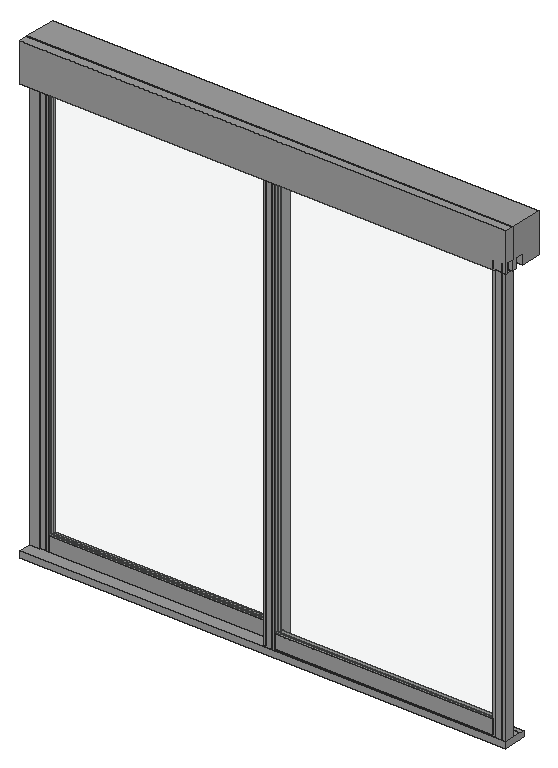
Revit family "Agta_Record_SldngDrset_THERMCORD-E-STA", category Doors, Revit 2012 (continued)
Definition of nested family "Inner Panel Profile"
  Lines and regions (mm)
    Masking region 3, visible <- "Modified Profile"
      outline origin (0, 0, 0) x (1, 0, 0) y (0, 1, 0)
        loop
          line (-51, 36) -> (-51, -63) -> (-5.5, -63) -> (-5.5, 0) -> (-35, 0) -> (-35, 36) -> (-51, 36)
  Dimensions and locks
    "Interlancing Profile Height": plane 4 to level
    "Distance to Wall": Extrusion 3 sketch curve to plane 1 "Center (Front/Back)"
    "Clear Height of Passage": plane 6 to level
    aligned and locked: plane 4 to Extrusion 1
    aligned and locked: plane 4 to Extrusion 2
    aligned and locked: Masking region 3 sketch curve to Extrusion 3
    aligned and locked: plane 6 to Extrusion 3
  Automatic sketch dimensions
    Extrusion 1 sketch curve to plane 3 "Center (Left/Right)" = 0.00 mm
    plane 1 "Center (Front/Back)" to Extrusion 1 sketch curve = 0.00 mm
    Extrusion 1 sketch curve to plane 3 "Center (Left/Right)" = 35.00 mm
    Extrusion 1 sketch curve to Extrusion 1 sketch curve = 16.00 mm  (x2)
    Extrusion 1 sketch curve to plane 1 "Center (Front/Back)" = 2.00 mm
    Extrusion 1 sketch curve to Extrusion 1 sketch curve = 34.00 mm
    Extrusion 1 sketch curve to Extrusion 1 sketch curve = 2.00 mm
    Extrusion 2 sketch curve to plane 3 "Center (Left/Right)" = 0.00 mm
    Extrusion 2 sketch curve to plane 3 "Center (Left/Right)" = 35.00 mm
    Extrusion 2 sketch curve to Extrusion 2 sketch curve = 16.00 mm
    Extrusion 2 sketch curve to Extrusion 2 sketch curve = 2.00 mm
    plane 1 "Center (Front/Back)" to Extrusion 2 sketch curve = 0.00 mm
    Extrusion 2 sketch curve to plane 1 "Center (Front/Back)" = 36.00 mm
    plane 1 "Center (Front/Back)" to Masking region 1 sketch curve = 0.00 mm
    Masking region 1 sketch curve to plane 3 "Center (Left/Right)" = 0.00 mm
    Masking region 1 sketch curve to plane 3 "Center (Left/Right)" = 35.00 mm
    Masking region 1 sketch curve to Masking region 1 sketch curve = 16.00 mm  (x2)
    Masking region 1 sketch curve to plane 1 "Center (Front/Back)" = 2.00 mm
    Masking region 1 sketch curve to Masking region 1 sketch curve = 34.00 mm
    Masking region 1 sketch curve to Masking region 1 sketch curve = 2.00 mm
    plane 1 "Center (Front/Back)" to Masking region 2 sketch curve = 0.00 mm
    Masking region 2 sketch curve to plane 3 "Center (Left/Right)" = 0.00 mm
    Masking region 2 sketch curve to plane 3 "Center (Left/Right)" = 35.00 mm
    Masking region 2 sketch curve to Masking region 2 sketch curve = 16.00 mm
    Masking region 2 sketch curve to plane 1 "Center (Front/Back)" = 36.00 mm
    Masking region 2 sketch curve to Masking region 2 sketch curve = 2.00 mm
    plane 1 "Center (Front/Back)" to Extrusion 3 sketch curve = 0.00 mm
    Extrusion 3 sketch curve to plane 3 "Center (Left/Right)" = 5.50 mm
    Extrusion 3 sketch curve to Extrusion 3 sketch curve = 29.50 mm
    Extrusion 3 sketch curve to Extrusion 3 sketch curve = 16.00 mm
    Extrusion 3 sketch curve to Extrusion 3 sketch curve = 36.00 mm
    plane 1 "Center (Front/Back)" to Masking region 3 sketch curve = 0.00 mm
    Masking region 3 sketch curve to plane 3 "Center (Left/Right)" = 51.00 mm
    Masking region 3 sketch curve to Masking region 3 sketch curve = 16.00 mm
    Masking region 3 sketch curve to plane 3 "Center (Left/Right)" = 5.50 mm
    Masking region 3 sketch curve to Masking region 3 sketch curve = 36.00 mm
Types (9, lengths in mm): name | Without side panels | Wall Opening Width | TotalWidth | TotalHeight | SupportLengthRight | SupportLengthLeft | Right Panel | Modified Profile | Left Panel | Interlacing profile right | Width | Rough Width | Rough Height | NominalWidth | NominalHeight | Interlacing profile left | Interlacing profile 3 | Interlacing profile 1 | Inner Panel Profile | IfcExportType | IfcExportAs | Height | DriveUnitHeight | DoorSeal
  (no name) | no | 2446.00 | 2497.00 | 2350.00 | 674.00 | 1823.00 | no | no | yes | no | 2497.00 | 2503.00 | 2356.00 | 2497.00 | 2350.00 | yes | no | yes | yes | "Door" | "IfcDoorStyle" | 2350.00 | 200.00 | "1"
  THERMCORD E-STA-L 150mm drive unit height - left - with side panel | no | 2446.00 | 2497.00 | 2300.00 | 674.00 | 1823.00 | no | no | yes | no | 2497.00 | 2503.00 | 2306.00 | 2497.00 | 2300.00 | yes | no | yes | yes | "n/a" | "n/a" | 2300.00 | 150.00 | "yes"
  THERMCORD E-STA-R 150mm drive unit height - right - without side panels | yes | 1200.00 | 1305.50 | 2300.00 | 1823.00 | 674.00 | no | yes | no | yes | 1305.50 | 1311.50 | 2306.00 | 1305.50 | 2300.00 | no | yes | no | no | "n/a" | "n/a" | 2300.00 | 150.00 | "1"
  THERMCORD E-STA-R 150mm drive unit height - right - with side panel | no | 2446.00 | 2497.00 | 2300.00 | 1823.00 | 674.00 | yes | no | no | yes | 2497.00 | 2503.00 | 2306.00 | 2497.00 | 2300.00 | no | no | yes | yes | "n/a" | "n/a" | 2300.00 | 150.00 | "1"
  THERMCORD E-STA-L 150mm drive unit height - left - without side panels | yes | 1200.00 | 1305.50 | 2300.00 | 674.00 | 1823.00 | no | yes | no | no | 1305.50 | 1311.50 | 2306.00 | 1305.50 | 2300.00 | yes | yes | no | no | "n/a" | "n/a" | 2300.00 | 150.00 | "1"
  THERMCORD E-STA-L 200mm drive unit height - left - with side panel | no | 2446.00 | 2497.00 | 2350.00 | 674.00 | 1823.00 | no | no | yes | no | 2497.00 | 2503.00 | 2356.00 | 2497.00 | 2350.00 | yes | no | yes | yes | "Door" | "IfcDoorStyle" | 2350.00 | 200.00 | "1"
  THERMCORD E-STA-L 200mm drive unit height - left - without side panels | yes | 1200.00 | 1305.50 | 2350.00 | 674.00 | 1823.00 | no | yes | no | no | 1305.50 | 1311.50 | 2356.00 | 1305.50 | 2350.00 | yes | yes | no | no | "n/a" | "n/a" | 2350.00 | 200.00 | "1"
  THERMCORD E-STA-R 200mm drive unit height - right - with side panel | no | 2446.00 | 2497.00 | 2300.00 | 1823.00 | 674.00 | yes | no | no | yes | 2497.00 | 2503.00 | 2306.00 | 2497.00 | 2300.00 | no | no | yes | yes | "n/a" | "n/a" | 2300.00 | 150.00 | "1"
  THERMCORD E-STA-R 200mm drive unit height - right - without side panels | yes | 1200.00 | 1305.50 | 2350.00 | 1823.00 | 674.00 | no | yes | no | yes | 1305.50 | 1311.50 | 2356.00 | 1305.50 | 2350.00 | no | yes | no | no | "n/a" | "n/a" | 2350.00 | 200.00 | "1"
